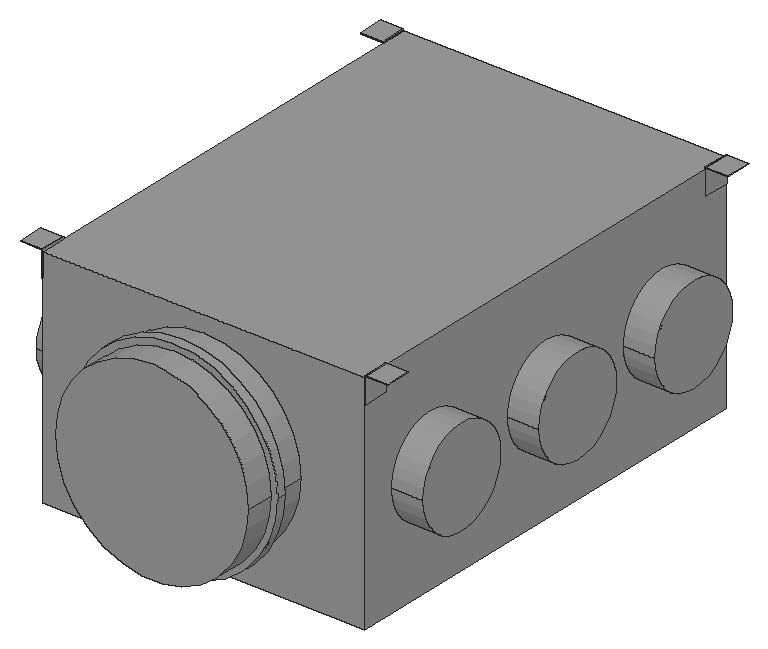
Revit family "FASU(F6-150 300Φ)", category ダクト付属品, Revit 2022
Family settings
  丸型コネクタ寸法 = 直径を使用
  パーツ タイプ = ダンパー
  OmniClass 番号 = 23.75.00.00
  OmniClass タイトル = Climate Control (HVAC)
  作業面ベース = いいえ
  常に垂直 = はい
  ロード時にボイドで切り取り = いいえ
  共有 = いいえ
Parameters
  高さ = 350 mm
  風量 = 0.0 L/s
  符号 = "FASU"
  形式 = "F6-150 300φ"
  幅 [instance] = 500 mm
  奥行き = 700 mm
  大きさ = 250 mm
  呼称 = "FASUチャンバー"
  付属品_下端レベル [instance] = 0 mm
  マテリアル [instance] = 既定値
  ダクト_イン = 300 mm
  ダクト_アウト = 150 mm
  既定の高さ = 0 mm
Reference planes
  plane 1 "中心(正面/背面)": y = 0
  plane 2: z = 0
  plane 3 "中心(左/右)": x = 0
  plane 4: x = -250
  plane 5: x = 250
  plane 6: y = -700
  plane 7: z = 350
  plane 8: z = 175
  plane 9: z = 266.963
  plane 10: z = 86.159
  plane 11: x = -251
  plane 12: z = 313.122
  plane 13: z = 352.122
  plane 14: y = -350
Forms (mm)
  Extrusion 1, solid, material "既定値" <- "マテリアル"
    sketch origin (0, 0, 0) x (1, 0, 0) y (0, 1, 0)
      loop
        line (-250, 0) -> (-250, -700) -> (250, -700) -> (250, 0) -> (-250, 0)
    from 0 to 350
  Extrusion 2, solid, material "既定値" <- "マテリアル"
    sketch origin (0, -30, 0) x (1, 0, 0) y (0, 1, 0)
      loop
        line (-250, 30) -> (-251, 30) -> (-251, -10) -> (-250, -10) -> (-250, 30)
    from 313.122 to 350
  Extrusion 3, solid, material "既定値" <- "マテリアル"
    sketch origin (0, -30, 0) x (1, 0, 0) y (0, 1, 0)
      loop
        line (-285, 30) -> (-285, -10) -> (-251, -10) -> (-251, 30) -> (-285, 30)
    from 352.122 to 350
  Extrusion 4, solid, material "既定値" <- "マテリアル"
    sketch origin (0, -30, 0) x (-1, 0, 0) y (0, -1, 0)
      loop
        line (-250, -30) -> (-250, 10) -> (-251, 10) -> (-251, -30) -> (-250, -30)
    from 313.122 to 353.122
  Extrusion 5, solid, material "既定値" <- "マテリアル"
    sketch origin (0, -30, 0) x (-1, 0, 0) y (0, -1, 0)
      loop
        line (-285, -30) -> (-251, -30) -> (-251, 10) -> (-285, 10) -> (-285, -30)
    from 352.122 to 353.122
  Extrusion 6, solid, material "既定値" <- "マテリアル"
    sketch origin (0, -490, 0) x (1, 0, 0) y (0, 1, 0)
      loop
        line (-285, -170) -> (-285, -210) -> (-251, -210) -> (-251, -170) -> (-285, -170)
    from 352.122 to 353.122
  Extrusion 7, solid, material "既定値" <- "マテリアル"
    sketch origin (0, -490, 0) x (1, 0, 0) y (0, 1, 0)
      loop
        line (-250, -170) -> (-251, -170) -> (-251, -210) -> (-250, -210) -> (-250, -170)
    from 313.122 to 353.122
  Extrusion 8, solid, material "既定値" <- "マテリアル"
    sketch origin (0, -490, 0) x (-1, 0, 0) y (0, -1, 0)
      loop
        line (-285, 170) -> (-251, 170) -> (-251, 210) -> (-285, 210) -> (-285, 170)
    from 352.122 to 353.122
  Extrusion 9, solid, material "既定値" <- "マテリアル"
    sketch origin (0, -490, 0) x (-1, 0, 0) y (0, -1, 0)
      loop
        line (-250, 170) -> (-250, 210) -> (-251, 210) -> (-251, 170) -> (-250, 170)
    from 313.122 to 353.122
  Extrusion 10, solid, material "既定値" <- "マテリアル"
    sketch origin (550, -582.5, 0) x (0, -1, 0) y (0, 0, -1)
      loop
        circle (-232.5, -175) r 74.985
    from -300 to -250
  Extrusion 11, solid, material "既定値" <- "マテリアル"
    sketch origin (-550, -582.5, 0) x (0, -1, 0) y (0, 0, 1)
      loop
        circle (-232.5, 175) r 74.985
    from -300 to -250
  Extrusion 12, solid, material "既定値" <- "マテリアル"
    sketch origin (0, -700, 0) x (1, 0, 0) y (0, 0, 1)
      loop
        circle (0, 175) r 150
    from 0 to 42.5
  Extrusion 13, solid, material "既定値" <- "マテリアル"
    sketch origin (0, -743, 0) x (1, 0, 0) y (0, 0, 1)
      loop
        circle (0, 175) r 160
    from -0.5 to 14.5
  Extrusion 14, solid, material "既定値" <- "マテリアル"
    sketch origin (0, -757.5, 0) x (1, 0, 0) y (0, 0, 1)
      loop
        circle (0, 175) r 150
    from 0 to 42.5
  Extrusion 15, solid, material "既定値" <- "マテリアル"
    sketch origin (550, -357.5, 0) x (0, -1, 0) y (0, 0, -1)
      loop
        circle (-232.5, -175) r 74.985
    from -300 to -250
  Extrusion 16, solid, material "既定値" <- "マテリアル"
    sketch origin (-550, -357.5, 0) x (0, -1, 0) y (0, 0, 1)
      loop
        circle (-232.5, 175) r 74.985
    from -300 to -250
  Extrusion 17, solid, material "既定値" <- "マテリアル"
    sketch origin (550, -142.5, 0) x (0, 1, 0) y (0, 0, 1)
      loop
        circle (-432.5, 175) r 74.985
    from -300 to -250
  Extrusion 18, solid, material "既定値" <- "マテリアル"
    sketch origin (0, -142.5, 0) x (0, 1, 0) y (0, 0, 1)
      loop
        circle (-432.5, 175) r 74.985
    from -300 to -250
Lines and regions (mm)
  model lines
    curve 1: line (-250, -30, 0) -> (250, -30, 0)
    curve 2: line (-250, -670, 0) -> (250, -670, 0)
Text (mm)
  text "FASU(F6-150 300Φ)" at (3.713, -630.412, 0), in view "参照レベル"
Dimensions and locks
  equal spacing: plane 4, plane 3 "中心(左/右)", plane 5
  "幅": plane 4 to plane 5
  "奥行き": plane 6 to plane 1 "中心(正面/背面)"
  "高さ": plane 7 to level
  equal spacing: plane 7, plane 8, level
  equal spacing: plane 6, plane 14, plane 1 "中心(正面/背面)"
  aligned and locked: level to plane 2
  aligned and locked: Extrusion 1 sketch curve to plane 5
  aligned and locked: plane 7 to Extrusion 1
  aligned and locked: Extrusion 2 sketch curve to Extrusion 1
  aligned and locked: plane 7 to Extrusion 2
  aligned and locked: Extrusion 3 sketch curve to Extrusion 2
  aligned and locked: Extrusion 2 to Extrusion 3 sketch curve
  aligned and locked: plane 7 to Extrusion 3
  aligned and locked: Extrusion 3 to plane 13
  aligned and locked: Extrusion 4 to Extrusion 5 sketch curve
  aligned and locked: Extrusion 5 sketch curve to Extrusion 4
  aligned and locked: Extrusion 1 to Extrusion 8
  aligned and locked: Extrusion 6 to Extrusion 1
  aligned and locked: Extrusion 7 to Extrusion 1
  aligned and locked: Extrusion 1 to Extrusion 9
  aligned and locked: Extrusion 9 to Extrusion 8
  aligned and locked: Extrusion 7 to Extrusion 6
  aligned and locked: plane 4 to Extrusion 7
  aligned and locked: Extrusion 9 to plane 5
  aligned and locked: plane 4 to curve 1
  aligned and locked: plane 5 to curve 1
  aligned and locked: plane 5 to curve 2
  aligned and locked: Extrusion 1 to Extrusion 3
  aligned and locked: Extrusion 5 to Extrusion 1
  aligned and locked: Extrusion 4 to plane 5
  aligned and locked: Extrusion 1 to plane 6
  aligned and locked: Extrusion 1 to plane 1 "中心(正面/背面)"
  aligned and locked: plane 6 to Extrusion 12
  aligned and locked: Extrusion 15 to plane 5
  aligned and locked: plane 4 to Extrusion 16
  aligned and locked: Extrusion 17 to plane 5
  aligned and locked: plane 4 to Extrusion 18
Automatic sketch dimensions
  curve 2 to plane 4 = 0 mm
  plane 6 to curve 2 = 30 mm
  plane 1 "中心(正面/背面)" to curve 1 = 30 mm
  Extrusion 1 sketch curve to plane 4 = 0 mm
  Extrusion 1 sketch curve to plane 6 = 0 mm
  plane 1 "中心(正面/背面)" to Extrusion 1 sketch curve = 0 mm
  plane 1 "中心(正面/背面)" to Extrusion 2 sketch curve = 0 mm
  Extrusion 2 sketch curve to plane 11 = 0 mm
  Extrusion 2 sketch curve to Extrusion 2 sketch curve = 40 mm
  plane 1 "中心(正面/背面)" to Extrusion 3 sketch curve = 0 mm
  Extrusion 3 sketch curve to Extrusion 3 sketch curve = 34 mm
  plane 1 "中心(正面/背面)" to Extrusion 4 sketch curve = 0 mm
  Extrusion 4 sketch curve to plane 5 = 0 mm
  Extrusion 4 sketch curve to Extrusion 4 sketch curve = 1 mm
  Extrusion 4 sketch curve to Extrusion 4 sketch curve = 40 mm
  plane 1 "中心(正面/背面)" to Extrusion 5 sketch curve = 0 mm
  Extrusion 5 sketch curve to Extrusion 5 sketch curve = 34 mm
  Extrusion 6 sketch curve to plane 6 = 0 mm
  Extrusion 6 sketch curve to plane 11 = 0 mm
  Extrusion 6 sketch curve to plane 11 = 34 mm
  plane 6 to Extrusion 6 sketch curve = 40 mm
  Extrusion 7 sketch curve to plane 11 = 0 mm
  Extrusion 7 sketch curve to plane 4 = 0 mm
  Extrusion 7 sketch curve to plane 6 = 0 mm
  plane 6 to Extrusion 7 sketch curve = 40 mm
  Extrusion 8 sketch curve to plane 6 = 0 mm
  Extrusion 8 sketch curve to plane 5 = 35 mm
  Extrusion 8 sketch curve to plane 5 = 1 mm
  Extrusion 8 sketch curve to Extrusion 8 sketch curve = 40 mm
  Extrusion 9 sketch curve to plane 6 = 0 mm
  Extrusion 9 sketch curve to plane 5 = 0 mm
  Extrusion 9 sketch curve to Extrusion 9 sketch curve = 1 mm
  Extrusion 9 sketch curve to Extrusion 9 sketch curve = 40 mm
  Extrusion 10 sketch curve to plane 8 = 0 mm
  Extrusion 10 sketch curve to plane 14 = 0 mm
  Extrusion 11 sketch curve to plane 8 = 0 mm
  Extrusion 11 sketch curve to plane 14 = 0 mm
  Extrusion 12 sketch curve to plane 3 "中心(左/右)" = 0 mm
  Extrusion 12 sketch curve to plane 8 = 0 mm
  Extrusion 13 sketch curve to plane 3 "中心(左/右)" = 0 mm
  Extrusion 13 sketch curve to plane 8 = 0 mm
  Extrusion 14 sketch curve to plane 3 "中心(左/右)" = 0 mm
  Extrusion 14 sketch curve to plane 8 = 0 mm
  Extrusion 15 sketch curve to plane 8 = 0 mm
  plane 1 "中心(正面/背面)" to Extrusion 15 sketch curve = 125 mm
  Extrusion 16 sketch curve to plane 8 = 0 mm
  plane 1 "中心(正面/背面)" to Extrusion 16 sketch curve = 125 mm
  Extrusion 17 sketch curve to plane 8 = 0 mm
  plane 6 to Extrusion 17 sketch curve = 125 mm
  Extrusion 18 sketch curve to plane 8 = 0 mm
  plane 6 to Extrusion 18 sketch curve = 125 mm
  radius of Extrusion 10 sketch curve = 74.985 mm
  radius of Extrusion 11 sketch curve = 74.985 mm
  radius of Extrusion 12 sketch curve = 150 mm
  radius of Extrusion 13 sketch curve = 160 mm
  radius of Extrusion 14 sketch curve = 150 mm
  radius of Extrusion 15 sketch curve = 74.985 mm
  radius of Extrusion 16 sketch curve = 74.985 mm
  radius of Extrusion 17 sketch curve = 74.985 mm
  radius of Extrusion 18 sketch curve = 74.985 mm
Connectors
  hvac at (-300, -575, 175), driven by "ダクト_アウト"
    settings: on Extrusion 18, index 1, duct flow 0.0 L/s, flow factor 0, pres drop 0.0 Pa, loss coef 0, conn angle 0.00°, conn width 304.8 mm, conn height 304.8 mm, conn diameter 150 mm, duct sys type 29, conn prof type 0, flow config 0, flow direction 2, loss method 0, conn ref index -1, conn util no, is conn primary yes, conn desc ""
  hvac at (-300, -350, 175), driven by "ダクト_アウト"
    settings: on Extrusion 11, index 2, duct flow 0.0 L/s, flow factor 0, pres drop 0.0 Pa, loss coef 0, conn angle 0.00°, conn width 304.8 mm, conn height 304.8 mm, conn diameter 150 mm, duct sys type 29, conn prof type 0, flow config 0, flow direction 2, loss method 0, conn ref index -1, conn util no, is conn primary no, conn desc ""
  hvac at (-300, -125, 175), driven by "ダクト_アウト"
    settings: on Extrusion 16, index 3, duct flow 0.0 L/s, flow factor 0, pres drop 0.0 Pa, loss coef 0, conn angle 0.00°, conn width 304.8 mm, conn height 304.8 mm, conn diameter 150 mm, duct sys type 29, conn prof type 0, flow config 0, flow direction 2, loss method 0, conn ref index -1, conn util no, is conn primary no, conn desc ""
  hvac at (300, -575, 175), driven by "ダクト_アウト"
    settings: on Extrusion 17, index 4, duct flow 0.0 L/s, flow factor 0, pres drop 0.0 Pa, loss coef 0, conn angle 0.00°, conn width 304.8 mm, conn height 304.8 mm, conn diameter 150 mm, duct sys type 29, conn prof type 0, flow config 0, flow direction 2, loss method 0, conn ref index -1, conn util no, is conn primary no, conn desc ""
  hvac at (300, -350, 175), driven by "ダクト_アウト"
    settings: on Extrusion 10, index 5, duct flow 0.0 L/s, flow factor 0, pres drop 0.0 Pa, loss coef 0, conn angle 0.00°, conn width 304.8 mm, conn height 304.8 mm, conn diameter 150 mm, duct sys type 29, conn prof type 0, flow config 0, flow direction 2, loss method 0, conn ref index -1, conn util no, is conn primary no, conn desc ""
  hvac at (300, -125, 175), driven by "ダクト_アウト"
    settings: on Extrusion 15, index 6, duct flow 0.0 L/s, flow factor 0, pres drop 0.0 Pa, loss coef 0, conn angle 0.00°, conn width 304.8 mm, conn height 304.8 mm, conn diameter 150 mm, duct sys type 29, conn prof type 0, flow config 0, flow direction 2, loss method 0, conn ref index -1, conn util no, is conn primary no, conn desc ""
  hvac at (0, -800, 175), driven by "ダクト_イン"
    settings: on Extrusion 14, index 7, duct flow 0.0 L/s, flow factor 0, pres drop 0.0 Pa, loss coef 0, conn angle 0.00°, conn width 304.8 mm, conn height 304.8 mm, conn diameter 300 mm, duct sys type 1, conn prof type 0, flow config 0, flow direction 1, loss method 0, conn ref index -1, conn util no, is conn primary no, conn desc ""
